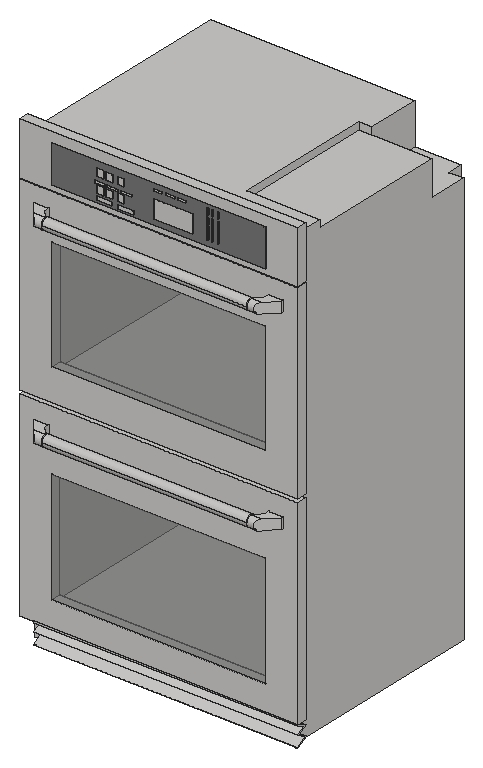
Revit family "HWO230_Revit", category Specialty Equipment, Revit 2014
Parameters (values of type "HWO230")
  Width = 29 7/8"
  VOLTS (V) = "240"
  Unit = Stainless Steel
  TWO TIMERS = "YES"
  TIMED COOKING = "YES"
  TEMPERATURE PROBE = "1"
  Support = Plastic-Black
  STANDARD RACK = "1 (UPPER) / 1 (LOWER)"
  SABBATH MODE = "YES"
  RACK POSITIONS = "7"
  PROOF = "YES"
  PIZZA STONE = "ABS16"
  Model = "HWO230"
  Manufacturer = "Dacor"
  LIMITED, PARTS AND LABOR = "1 YEAR"
  LIGHTING = "HALOGEN"
  KEEP WARM = "YES"
  Height = 50 1/8"
  Handle = Stainless Steel
  GLIDERACK™ = "2 (UPPER) / 2 (LOWER)"
  FREQUENCY (HZ) = "60"
  ENERGY SOURCE = "ELECTRIC"
  Door Glass = Glass
  Door = Stainless Steel
  Description = "30-INCH DOUBLE WALL OVEN HERITAGE COLLECTION"
  Depth = 23 5/8"
  DELAY TIME COOKING = "YES"
  DEHYDRATE = "YES"
  COOKING MODES BOTH CAVITIES = "PURE CONVECTION™ CONVECTION BAKE CONVECTION BROIL CONVECTION ROAST BAKE BROIL"
  COOKIE SHEETS (SET OF 3) = "ACSRO303"
  CONVECTION TYPE = "PURE CONVECTION™"
  CONVECTION ELEMENT = "2,200W"
  CLOCK = "YES"
  CLEANING TYPE = "SELF CLEAN & GREENCLEAN™"
  CIRCUIT BREAKER (A) = "50"
  CHILD LOCK = "YES"
  BROIL-ROASTING PAN SET = "AORPVR"
  BROIL ELEMENT = "3,500W - 8 PASS"
  BAKE ELEMENT = "3,000W - 8 PASS"
  AUTOMATIC HOLD = "YES"
  10-KEY PAD = "YES"
Reference planes (in)
  plane 1 "Center (Front/Back)": y = 0
  plane 2: z = 0
  plane 3 "Center (Left/Right)": x = 0
  plane 4: y = 11.8125
  plane 5: y = -11.8125
  plane 6: x = -14.9375
  plane 7: x = 14.9375
  plane 8: y = -13.6875
  plane 9: y = -12.9375
  plane 10: x = -14.25
  plane 11: x = 14.25
  plane 12: z = 22.25
  plane 13: z = 22
  plane 14: z = 50.125
  plane 15: z = 49
Forms (in)
  Extrusion 1, solid, material "Stainless Steel" <- "Door"
    sketch origin (0, 0, 0) x (1, 0, 0) y (0, 0, 1)
      loop
        line (-14.9375, 23.66291) -> (-14.9375, 2.26827) -> (14.9375, 2.26827) -> (14.9375, 23.66291) -> (-14.9375, 23.66291)
      loop
        line (-11.50053, 17.12002) -> (-11.50053, 5.05136) -> (11.49947, 5.05136) -> (11.49947, 17.12002) -> (-11.50053, 17.12002)
    from 11.8125 to 12.9375
  Extrusion 2, solid, material "Glass" <- "Door Glass"
    sketch origin (0, 0, 0) x (1, 0, 0) y (0, 0, 1)
      loop
        line (-11.50053, 17.12002) -> (-11.50053, 5.05136) -> (11.49947, 5.05136) -> (11.49947, 17.12002) -> (-11.50053, 17.12002)
    from 11.8125 to 12.9375
  Extrusion 3, solid, material "Stainless Steel" <- "Unit"
    sketch origin (0, 0, 0) x (1, 0, 0) y (0, 1, 0)
      loop
        line (-14.25, 11.8125) -> (-14.25, -11.8125) -> (14.25, -11.8125) -> (14.25, 11.8125) -> (-14.25, 11.8125)
    from 0 to 49
  Extrusion 4, void
    sketch origin (0, 0, 0) x (1, 0, 0) y (0, 1, 0)
      loop
        line (12.62778, 11.8125) -> (12.62778, 10.2182) -> (14.25, 10.2182) -> (14.25, 11.8125) -> (12.62778, 11.8125)
    from 0 to 49
  Extrusion 5, void
    sketch origin (0, 0, 0) x (1, 0, 0) y (0, 1, 0)
      loop
        line (7.75, 11.8125) -> (7.75, 6) -> (14.25, 6) -> (14.25, 10.2182) -> (12.62778, 10.2182) -> (12.62778, 11.8125) -> (7.75, 11.8125)
    from 44.49502 to 49
  Extrusion 6, void
    sketch origin (0, 0, 0) x (1, 0, 0) y (0, 0, 1)
      loop
        line (14.25, 49) -> (6.32403, 49) -> (6.32403, 48.2352) -> (14.25, 48.2352) -> (14.25, 49)
    from -6 to 9.08065
  Extrusion 7, solid, material "Stainless Steel" <- "Unit"
    sketch origin (0, 0, 0) x (0, 1, 0) y (0, 0, 1)
      loop
        line (-12.9375, 2.26827) -> (-12.9375, 2.16899) -> (-11.96829, 1.71704) -> (-12.94474, 1.26172) -> (-11.9149, 0.67919) -> (-12.9375, 0.04792) -> (-12.9375, 0) -> (-11.8125, 0.69449) -> (-12.8292, 1.26958) -> (-11.8125, 1.74368) -> (-12.9375, 2.26827)
    from -13.4375 to 14.9375
  Extrusion 8, void
    sketch origin (0, 0, 0) x (1, 0, 0) y (0, 0, 1)
      loop
        line (-13.62773, 17.84345) -> (-13.62773, 2.84345) -> (12.37227, 2.84345) -> (12.37227, 17.84345) -> (-13.62773, 17.84345)
      loop
        line (-13.12773, 40.49502) -> (-13.12773, 25.49502) -> (12.87227, 25.49502) -> (12.87227, 40.49502) -> (-13.12773, 40.49502)
    from -9.73684 to 12
  Extrusion 9, solid, material "Stainless Steel" <- "Door"
    sketch origin (0, 0, 22.375) x (1, 0, 0) y (0, 0, 1)
      loop
        line (-14.9375, 27.75) -> (-14.9375, 22.12002) -> (14.9375, 22.12002) -> (14.9375, 27.75) -> (-14.9375, 27.75)
      loop
        line (-14.9375, 22) -> (-14.9375, 1.67556) -> (14.9375, 1.67556) -> (14.9375, 22) -> (-14.9375, 22)
      loop
        line (-11.50053, 17.12002) -> (-11.50053, 5.05136) -> (11.49947, 5.05136) -> (11.49947, 17.12002) -> (-11.50053, 17.12002)
    from 11.8125 to 12.9375
  Extrusion 10, solid, material "Glass" <- "Door Glass"
    sketch origin (0, 0, 22.375) x (1, 0, 0) y (0, 0, 1)
      loop
        line (-11.50053, 17.12002) -> (-11.50053, 5.05136) -> (11.49947, 5.05136) -> (11.49947, 17.12002) -> (-11.50053, 17.12002)
    from 11.8125 to 12.9375
  Extrusion 11, solid, material "Plastic-Black" <- "Support"
    sketch origin (0, 0, 22.375) x (1, 0, 0) y (0, 0, 1)
      loop
        line (11.49947, 22.65651) -> (11.49947, 26.625) -> (-11.50053, 26.625) -> (-11.50053, 22.65651) -> (11.49947, 22.65651)
      loop
        line (-6.68808, 25.91932) -> (-6.68808, 25.16932) -> (-5.93808, 25.16932) -> (-5.93808, 25.91932) -> (-6.68808, 25.91932)
      loop
        line (-5.68808, 25.91932) -> (-5.68808, 25.16932) -> (-4.93808, 25.16932) -> (-4.93808, 25.91932) -> (-5.68808, 25.91932)
      loop
        line (-4.43808, 25.91932) -> (-4.43808, 25.16932) -> (-3.68808, 25.16932) -> (-3.68808, 25.91932) -> (-4.43808, 25.91932)
      loop
        line (-6.85606, 24.70129) -> (-6.85606, 24.49664) -> (-5.68808, 24.49664) -> (-5.68808, 24.70129) -> (-6.85606, 24.70129)
      loop
        line (-5.52207, 24.70129) -> (-5.52207, 24.49664) -> (-4.35409, 24.49664) -> (-4.35409, 24.70129) -> (-5.52207, 24.70129)
      loop
        line (-4.02207, 24.70129) -> (-4.02207, 24.49664) -> (-2.85409, 24.49664) -> (-2.85409, 24.70129) -> (-4.02207, 24.70129)
      loop
        line (-6.68808, 24.29432) -> (-6.68808, 23.54432) -> (-5.93808, 23.54432) -> (-5.93808, 24.29432) -> (-6.68808, 24.29432)
      loop
        line (-5.68808, 24.29432) -> (-5.68808, 23.54432) -> (-4.93808, 23.54432) -> (-4.93808, 24.29432) -> (-5.68808, 24.29432)
      loop
        line (-4.43808, 24.29432) -> (-4.43808, 23.54432) -> (-3.68808, 23.54432) -> (-3.68808, 24.29432) -> (-4.43808, 24.29432)
      loop
        line (-6.68808, 23.22154) -> (-6.68808, 22.82799) -> (-5.04573, 22.82799) -> (-5.04573, 23.22154) -> (-6.68808, 23.22154)
      loop
        line (-4.35409, 23.22154) -> (-4.35409, 22.82799) -> (-2.68443, 22.82799) -> (-2.68443, 23.22154) -> (-4.35409, 23.22154)
      loop
        line (5.20184, 26.29432) -> (5.20184, 25.63879) -> (5.36015, 25.63879) -> (5.36015, 26.29432) -> (5.20184, 26.29432)
      loop
        line (5.70184, 26.29432) -> (5.70184, 25.63879) -> (5.86015, 25.63879) -> (5.86015, 26.29432) -> (5.70184, 26.29432)
      loop
        line (6.32403, 26.29432) -> (6.32403, 25.63879) -> (6.48234, 25.63879) -> (6.48234, 26.29432) -> (6.32403, 26.29432)
      loop
        line (5.20184, 25.35682) -> (5.20184, 24.70129) -> (5.36015, 24.70129) -> (5.36015, 25.35682) -> (5.20184, 25.35682)
      loop
        line (5.70184, 25.35682) -> (5.70184, 24.70129) -> (5.86015, 24.70129) -> (5.86015, 25.35682) -> (5.70184, 25.35682)
      loop
        line (6.32403, 25.35682) -> (6.32403, 24.70129) -> (6.48234, 24.70129) -> (6.48234, 25.35682) -> (6.32403, 25.35682)
      loop
        line (5.20184, 24.60682) -> (5.20184, 23.95129) -> (5.36015, 23.95129) -> (5.36015, 24.60682) -> (5.20184, 24.60682)
      loop
        line (5.70184, 24.60682) -> (5.70184, 23.95129) -> (5.86015, 23.95129) -> (5.86015, 24.60682) -> (5.70184, 24.60682)
      loop
        line (6.32403, 24.60682) -> (6.32403, 23.95129) -> (6.48234, 23.95129) -> (6.48234, 24.60682) -> (6.32403, 24.60682)
      loop
        line (5.20184, 23.87707) -> (5.20184, 23.22154) -> (5.36015, 23.22154) -> (5.36015, 23.87707) -> (5.20184, 23.87707)
      loop
        line (5.70184, 23.87707) -> (5.70184, 23.22154) -> (5.86015, 23.22154) -> (5.86015, 23.87707) -> (5.70184, 23.87707)
      loop
        line (6.32403, 23.87707) -> (6.32403, 23.22154) -> (6.48234, 23.22154) -> (6.48234, 23.87707) -> (6.32403, 23.87707)
      loop
        line (-0.51589, 26.14153) -> (-0.51589, 25.91932) -> (0.37117, 25.91932) -> (0.37117, 26.14153) -> (-0.51589, 26.14153)
      loop
        line (0.73323, 26.14153) -> (0.73323, 25.91932) -> (1.78322, 25.91932) -> (1.78322, 26.14153) -> (0.73323, 26.14153)
      loop
        line (2.10908, 26.14153) -> (2.10908, 25.91932) -> (2.92373, 25.91932) -> (2.92373, 26.14153) -> (2.10908, 26.14153)
      loop
        line (-0.51589, 25.16932) -> (-0.51589, 23.22154) -> (3.71429, 23.22154) -> (3.71429, 25.16932) -> (-0.51589, 25.16932)
    from 12.97137 to 12.9375
  Extrusion 12, solid, material "Stainless Steel" <- "Unit"
    sketch origin (0, -12.9375, 22.375) x (-1, 0, 0) y (0, 0, 1)
      loop
        line (5.93808, 25.91932) -> (5.93808, 25.16932) -> (6.68808, 25.16932) -> (6.68808, 25.91932) -> (5.93808, 25.91932)
      loop
        line (5.68808, 25.16932) -> (5.68808, 25.91932) -> (4.93808, 25.91932) -> (4.93808, 25.16932) -> (5.68808, 25.16932)
      loop
        line (3.68808, 25.16932) -> (4.43808, 25.16932) -> (4.43808, 25.91932) -> (3.68808, 25.91932) -> (3.68808, 25.16932)
      loop
        line (5.68808, 24.49664) -> (6.85606, 24.49664) -> (6.85606, 24.70129) -> (5.68808, 24.70129) -> (5.68808, 24.49664)
      loop
        line (5.52207, 24.70129) -> (4.35409, 24.70129) -> (4.35409, 24.49664) -> (5.52207, 24.49664) -> (5.52207, 24.70129)
      loop
        line (4.02207, 24.70129) -> (2.85409, 24.70129) -> (2.85409, 24.49664) -> (4.02207, 24.49664) -> (4.02207, 24.70129)
      loop
        line (6.68808, 24.29432) -> (5.93808, 24.29432) -> (5.93808, 23.54432) -> (6.68808, 23.54432) -> (6.68808, 24.29432)
      loop
        line (5.68808, 24.29432) -> (4.93808, 24.29432) -> (4.93808, 23.54432) -> (5.68808, 23.54432) -> (5.68808, 24.29432)
      loop
        line (4.43808, 24.29432) -> (3.68808, 24.29432) -> (3.68808, 23.54432) -> (4.43808, 23.54432) -> (4.43808, 24.29432)
      loop
        line (6.68808, 23.22154) -> (5.04573, 23.22154) -> (5.04573, 22.82799) -> (6.68808, 22.82799) -> (6.68808, 23.22154)
      loop
        line (4.35409, 23.22154) -> (2.68443, 23.22154) -> (2.68443, 22.82799) -> (4.35409, 22.82799) -> (4.35409, 23.22154)
      loop
        line (-0.37117, 25.91932) -> (0.51589, 25.91932) -> (0.51589, 26.14153) -> (-0.37117, 26.14153) -> (-0.37117, 25.91932)
      loop
        line (-1.78322, 25.91932) -> (-0.73323, 25.91932) -> (-0.73323, 26.14153) -> (-1.78322, 26.14153) -> (-1.78322, 25.91932)
      loop
        line (-2.92373, 25.91932) -> (-2.10908, 25.91932) -> (-2.10908, 26.14153) -> (-2.92373, 26.14153) -> (-2.92373, 25.91932)
      loop
        line (0.51589, 25.16932) -> (-3.71429, 25.16932) -> (-3.71429, 23.22154) -> (0.51589, 23.22154) -> (0.51589, 25.16932)
      loop
        line (-5.36015, 26.29432) -> (-5.36015, 25.63879) -> (-5.20184, 25.63879) -> (-5.20184, 26.29432) -> (-5.36015, 26.29432)
      loop
        line (-5.86015, 26.29432) -> (-5.86015, 25.63879) -> (-5.70184, 25.63879) -> (-5.70184, 26.29432) -> (-5.86015, 26.29432)
      loop
        line (-6.32403, 25.63879) -> (-6.32403, 26.29432) -> (-6.48234, 26.29432) -> (-6.48234, 25.63879) -> (-6.32403, 25.63879)
      loop
        line (-5.20184, 24.70129) -> (-5.20184, 25.35682) -> (-5.36015, 25.35682) -> (-5.36015, 24.70129) -> (-5.20184, 24.70129)
      loop
        line (-5.70184, 24.70129) -> (-5.70184, 25.35682) -> (-5.86015, 25.35682) -> (-5.86015, 24.70129) -> (-5.70184, 24.70129)
      loop
        line (-6.32403, 24.70129) -> (-6.32403, 25.35682) -> (-6.48234, 25.35682) -> (-6.48234, 24.70129) -> (-6.32403, 24.70129)
      loop
        line (-5.20184, 23.95129) -> (-5.20184, 24.60682) -> (-5.36015, 24.60682) -> (-5.36015, 23.95129) -> (-5.20184, 23.95129)
      loop
        line (-5.70184, 23.95129) -> (-5.70184, 24.60682) -> (-5.86015, 24.60682) -> (-5.86015, 23.95129) -> (-5.70184, 23.95129)
      loop
        line (-6.32403, 23.95129) -> (-6.32403, 24.60682) -> (-6.48234, 24.60682) -> (-6.48234, 23.95129) -> (-6.32403, 23.95129)
      loop
        line (-5.20184, 23.22154) -> (-5.20184, 23.87707) -> (-5.36015, 23.87707) -> (-5.36015, 23.22154) -> (-5.20184, 23.22154)
      loop
        line (-5.70184, 23.22154) -> (-5.70184, 23.87707) -> (-5.86015, 23.87707) -> (-5.86015, 23.22154) -> (-5.70184, 23.22154)
      loop
        line (-6.32403, 23.22154) -> (-6.32403, 23.87707) -> (-6.48234, 23.87707) -> (-6.48234, 23.22154) -> (-6.32403, 23.22154)
    from 0 to -0.03387
  Extrusion 13, solid, material "Stainless Steel" <- "Handle"
    sketch origin (1.375, 0, 22.375) x (0, 1, 0) y (0, 0, 1)
      loop
        line (-12.9375, 20.25) -> (-14.38281, 20.25)
        arc (-14.38281, 20.25) -> (-14.94531, 19.6875) -> (-14.38281, 19.125) r 0.5625
        line (-14.38281, 19.125) -> (-12.9375, 19.125) -> (-12.9375, 20.25)
    from 9.6502 to 12
  Extrusion 14, void
    sketch origin (0, 0, 22.375) x (1, 0, 0) y (0, 1, 0)
      loop
        line (11.34949, -15.4375) -> (13.5, -15.4375) -> (13.5, -12.9375) -> (11.34949, -15.4375)
      loop
        arc (10.98358, -14.26259) -> (11.64134, -13.74324) -> (11.87189, -12.9375) r 1.36563
        line (11.87189, -12.9375) -> (10.98358, -12.9375) -> (10.98358, -14.26259)
    from 18.06701 to 20.25
  Extrusion 15, solid, material "Stainless Steel" <- "Handle"
    sketch origin (-1.375, 0, 22.375) x (0, 1, 0) y (0, 0, -1)
      loop
        line (-12.9375, -20.25) -> (-12.9375, -19.125) -> (-14.38281, -19.125)
        arc (-14.38281, -19.125) -> (-14.94531, -19.6875) -> (-14.38281, -20.25) r 0.5625
        line (-14.38281, -20.25) -> (-12.9375, -20.25)
    from 9.6502 to 12
  Extrusion 16, void
    sketch origin (0, 0, 22.375) x (-1, 0, 0) y (0, -1, 0)
      loop
        line (11.34949, 15.4375) -> (13.5, 12.9375) -> (13.5, 15.4375) -> (11.34949, 15.4375)
      loop
        line (10.98358, 14.26259) -> (10.98358, 12.9375) -> (11.87189, 12.9375)
        arc (11.87189, 12.9375) -> (11.64134, 13.74324) -> (10.98358, 14.26259) r 1.36563
    from 18.06701 to 20.25
  Extrusion 17, solid, material "Stainless Steel" <- "Handle"
    sketch origin (0, 0, 22.375) x (0, 1, 0) y (0, 0, 1)
      loop
        circle (-14.38281, 19.6875) r 0.5625
    from -11.0252 to 11.0252
  Extrusion 18, solid, material "Stainless Steel" <- "Handle"
    sketch origin (1.375, 0, 1.5) x (0, 1, 0) y (0, 0, 1)
      loop
        line (-12.9375, 20.25) -> (-14.38281, 20.25)
        arc (-14.38281, 20.25) -> (-14.94531, 19.6875) -> (-14.38281, 19.125) r 0.5625
        line (-14.38281, 19.125) -> (-12.9375, 19.125) -> (-12.9375, 20.25)
    from 9.6502 to 12
  Extrusion 19, void
    sketch origin (0, 0, 1.5) x (1, 0, 0) y (0, 1, 0)
      loop
        line (11.34949, -15.4375) -> (13.5, -15.4375) -> (13.5, -12.9375) -> (11.34949, -15.4375)
      loop
        arc (10.98358, -14.26259) -> (11.64134, -13.74324) -> (11.87189, -12.9375) r 1.36563
        line (11.87189, -12.9375) -> (10.98358, -12.9375) -> (10.98358, -14.26259)
    from 18.06701 to 20.25
  Extrusion 20, solid, material "Stainless Steel" <- "Handle"
    sketch origin (-1.375, 0, 1.5) x (0, 1, 0) y (0, 0, -1)
      loop
        line (-12.9375, -20.25) -> (-12.9375, -19.125) -> (-14.38281, -19.125)
        arc (-14.38281, -19.125) -> (-14.94531, -19.6875) -> (-14.38281, -20.25) r 0.5625
        line (-14.38281, -20.25) -> (-12.9375, -20.25)
    from 9.6502 to 12
  Extrusion 21, void
    sketch origin (0, 0, 1.5) x (-1, 0, 0) y (0, -1, 0)
      loop
        line (11.34949, 15.4375) -> (13.5, 12.9375) -> (13.5, 15.4375) -> (11.34949, 15.4375)
      loop
        line (10.98358, 14.26259) -> (10.98358, 12.9375) -> (11.87189, 12.9375)
        arc (11.87189, 12.9375) -> (11.64134, 13.74324) -> (10.98358, 14.26259) r 1.36563
    from 18.06701 to 20.25
  Extrusion 22, solid, material "Stainless Steel" <- "Handle"
    sketch origin (0, 0, 1.5) x (0, 1, 0) y (0, 0, 1)
      loop
        circle (-14.38281, 19.6875) r 0.5625
    from -11.0252 to 11.0252
Cuts and joins
  Extrusion 4, Extrusion 5, Extrusion 6, Extrusion 8 cuts Extrusion 3
  Extrusion 6, Extrusion 8, Extrusion 14, Extrusion 16, Extrusion 19, Extrusion 21 cuts Extrusion 1
  Extrusion 8 cuts Extrusion 2
  Extrusion 14 cuts Extrusion 9
  Extrusion 14 cuts Extrusion 17
  Extrusion 19 cuts Extrusion 18
  Extrusion 19 cuts Extrusion 22
  Extrusion 21 cuts Extrusion 20
  Extrusion 14 cuts Extrusion 13
  Extrusion 16 cuts Extrusion 15
Dimensions and locks (in)
  equal spacing: plane 6, plane 3 "Center (Left/Right)", plane 7
  "Width": plane 6 to plane 7
  equal spacing: plane 4, plane 1 "Center (Front/Back)", plane 5
  "Depth": plane 4 to plane 5
  plane 5 to plane 8 = 1 7/8"
  locked: plane 5 to plane 9 at 1.125
  equal spacing: plane 10, plane 3 "Center (Left/Right)", plane 11
  plane 10 to plane 11 = 28 1/2"
  locked: plane 12 to plane 13 at 0.25
  "Height": plane 14 to plane 2
  plane 15 to plane 2 = 49"
  aligned and locked: level to plane 2
  aligned and locked: Extrusion 1 to plane 9
  aligned and locked: plane 5 to Extrusion 1
  aligned and locked: plane 6 to Extrusion 1 sketch curve
  aligned and locked: Extrusion 1 sketch curve to plane 7
  aligned and locked: Extrusion 2 sketch curve to Extrusion 1
  aligned and locked: Extrusion 1 to Extrusion 2 sketch curve
  aligned and locked: Extrusion 2 to plane 9
  aligned and locked: plane 5 to Extrusion 2
  aligned and locked: plane 10 to Extrusion 3 sketch curve
  aligned and locked: Extrusion 3 sketch curve to plane 11
  aligned and locked: Extrusion 3 to level
  aligned and locked: Extrusion 7 to cut or joined group of Extrusion 1, Extrusion 6, Extrusion 8, Extrusion 14, Extrusion 16, Extrusion 19, Extrusion 21
  aligned and locked: Extrusion 10 sketch curve to Extrusion 9
  aligned and locked: Extrusion 9 to Extrusion 10 sketch curve
  aligned and locked: Extrusion 9 to Extrusion 11
Automatic sketch dimensions
  plane 10 to Extrusion 1 sketch curve = 2.74947"
  Extrusion 1 sketch curve to plane 11 = 2.75053"
  level to Extrusion 1 sketch curve = 2.26827"
  Extrusion 1 sketch curve to Extrusion 1 sketch curve = 2.78308"
  Extrusion 1 sketch curve to plane 13 = 4.87998"
  plane 12 to Extrusion 1 sketch curve = 1.41291"
  level to Extrusion 2 sketch curve = 5.05136"
  Extrusion 2 sketch curve to plane 13 = 4.87998"
  Extrusion 3 sketch curve to plane 5 = 0"
  Extrusion 3 sketch curve to plane 4 = 0"
  Extrusion 4 sketch curve to plane 4 = 0"
  Extrusion 4 sketch curve to plane 11 = 0"
  Extrusion 4 sketch curve to Extrusion 4 sketch curve = 1.62222"
  Extrusion 4 sketch curve to plane 4 = 1.5943"
  Extrusion 5 sketch curve to plane 4 = 0"
  Extrusion 5 sketch curve to plane 11 = 0"
  Extrusion 5 sketch curve to Extrusion 5 sketch curve = 1.62222"
  Extrusion 5 sketch curve to Extrusion 5 sketch curve = 4.87778"
  Extrusion 5 sketch curve to plane 4 = 1.5943"
  Extrusion 5 sketch curve to Extrusion 5 sketch curve = 4.2182"
  Extrusion 6 sketch curve to plane 11 = 0"
  plane 3 "Center (Left/Right)" to Extrusion 6 sketch curve = 6.32403"
  Extrusion 7 sketch curve to plane 9 = 0"  (x2)
  Extrusion 7 sketch curve to plane 5 = 0"  (x2)
  Extrusion 7 sketch curve to level = 0"
  Extrusion 7 sketch curve to plane 9 = 0.00724"
  plane 9 to Extrusion 7 sketch curve = 0.1083"
  Extrusion 7 sketch curve to plane 5 = 0.15579"
  Extrusion 7 sketch curve to plane 5 = 0.1024"
  level to Extrusion 7 sketch curve = 0.04792"
  level to Extrusion 7 sketch curve = 0.67919"
  Extrusion 7 sketch curve to Extrusion 7 sketch curve = 0.01529"
  Extrusion 7 sketch curve to Extrusion 7 sketch curve = 0.58253"
  Extrusion 7 sketch curve to Extrusion 7 sketch curve = 0.00786"
  Extrusion 7 sketch curve to Extrusion 7 sketch curve = 0.44746"
  Extrusion 7 sketch curve to Extrusion 7 sketch curve = 0.02663"
  Extrusion 7 sketch curve to Extrusion 7 sketch curve = 0.89941"
  Extrusion 7 sketch curve to Extrusion 7 sketch curve = 0.09928"
  Extrusion 9 sketch curve to plane 6 = 0"  (x2)
  Extrusion 9 sketch curve to plane 7 = 0"  (x2)
  Extrusion 9 sketch curve to plane 14 = 0"
  plane 10 to Extrusion 9 sketch curve = 2.74947"
  Extrusion 9 sketch curve to plane 11 = 2.75053"
  plane 12 to Extrusion 9 sketch curve = 1.80056"
  Extrusion 9 sketch curve to plane 14 = 10.62998"
  Extrusion 9 sketch curve to Extrusion 9 sketch curve = 5 3/4"
  Extrusion 9 sketch curve to Extrusion 9 sketch curve = 0.12002"
  Extrusion 10 sketch curve to plane 14 = 10.62998"
  plane 10 to Extrusion 11 sketch curve = 2.74947"
  Extrusion 11 sketch curve to Extrusion 11 sketch curve = 4.64447"
  Extrusion 11 sketch curve to Extrusion 11 sketch curve = 43/256"  (x2)
  Extrusion 11 sketch curve to Extrusion 11 sketch curve = 0"  (x27)
  Extrusion 11 sketch curve to Extrusion 11 sketch curve = 3/4"  (x8)
  Extrusion 11 sketch curve to Extrusion 11 sketch curve = 1/4"  (x2)
  Extrusion 11 sketch curve to Extrusion 11 sketch curve = 0.16601"
  Extrusion 11 sketch curve to Extrusion 11 sketch curve = 0.64235"
  Extrusion 11 sketch curve to Extrusion 11 sketch curve = 0.10765"
  Extrusion 11 sketch curve to Extrusion 11 sketch curve = 1/2"  (x2)
  Extrusion 11 sketch curve to Extrusion 11 sketch curve = 0.08399"  (x2)
  Extrusion 11 sketch curve to Extrusion 11 sketch curve = 85/256"
  Extrusion 11 sketch curve to Extrusion 11 sketch curve = 0.33399"
  Extrusion 11 sketch curve to Extrusion 11 sketch curve = 0.66601"
  Extrusion 11 sketch curve to Extrusion 11 sketch curve = 0.83399"
  Extrusion 11 sketch curve to Extrusion 11 sketch curve = 1.00365"
  Extrusion 11 sketch curve to plane 3 "Center (Left/Right)" = 0.51589"  (x2)
  plane 3 "Center (Left/Right)" to Extrusion 11 sketch curve = 0.37117"
  Extrusion 11 sketch curve to Extrusion 11 sketch curve = 0.36207"
  Extrusion 11 sketch curve to Extrusion 11 sketch curve = 1.04999"
  Extrusion 11 sketch curve to Extrusion 11 sketch curve = 0.32586"
  Extrusion 11 sketch curve to Extrusion 11 sketch curve = 0.81465"
  Extrusion 11 sketch curve to Extrusion 11 sketch curve = 0.79056"
  Extrusion 11 sketch curve to Extrusion 11 sketch curve = 1.48754"
  Extrusion 11 sketch curve to Extrusion 11 sketch curve = 0.15831"  (x8)
  Extrusion 11 sketch curve to Extrusion 11 sketch curve = 0.34169"  (x3)
  Extrusion 11 sketch curve to Extrusion 11 sketch curve = 0.46387"  (x3)
  Extrusion 11 sketch curve to plane 14 = 1 1/8"
  Extrusion 11 sketch curve to plane 11 = 2.75053"
  Extrusion 11 sketch curve to plane 14 = 1.45568"
  Extrusion 11 sketch curve to plane 14 = 1.60847"
  Extrusion 11 sketch curve to Extrusion 11 sketch curve = 0.22221"  (x3)
  Extrusion 11 sketch curve to plane 14 = 1.83068"
  Extrusion 11 sketch curve to Extrusion 11 sketch curve = 0.65553"  (x6)
  Extrusion 11 sketch curve to Extrusion 11 sketch curve = 0.28197"  (x3)
  Extrusion 11 sketch curve to Extrusion 11 sketch curve = 0.46803"  (x2)
  Extrusion 11 sketch curve to Extrusion 11 sketch curve = 0.09447"  (x3)
  Extrusion 11 sketch curve to Extrusion 11 sketch curve = 0.20465"  (x2)
  Extrusion 11 sketch curve to Extrusion 11 sketch curve = 0.20232"  (x3)
  Extrusion 11 sketch curve to Extrusion 11 sketch curve = 19/256"  (x3)
  Extrusion 11 sketch curve to Extrusion 11 sketch curve = 0.32278"  (x2)
  Extrusion 11 sketch curve to Extrusion 11 sketch curve = 1.2751"
  Extrusion 11 sketch curve to Extrusion 11 sketch curve = 0.39355"  (x2)
  Extrusion 11 sketch curve to Extrusion 11 sketch curve = 0.56503"
  Extrusion 12 sketch curve to Extrusion 11 = 0"  (x104)
  Extrusion 11 to Extrusion 12 sketch curve = 0"  (x4)
  Extrusion 13 sketch curve to plane 9 = 0"
  plane 8 to Extrusion 13 sketch curve = 89/128"
  Extrusion 13 sketch curve to plane 14 = 8 5/8"
  Extrusion 13 sketch curve to Extrusion 13 sketch curve = 9/16"
  Extrusion 14 sketch curve to plane 9 = 0"  (x2)
  Extrusion 14 sketch curve to plane 9 = 0.04532"
  Extrusion 14 sketch curve to plane 11 = 3.74299"
  Extrusion 14 sketch curve to Extrusion 14 sketch curve = 61/128"
  Extrusion 14 sketch curve to Extrusion 14 sketch curve = 0.36591"
  Extrusion 14 sketch curve to Extrusion 14 sketch curve = 0.8883"
  Extrusion 14 sketch curve to plane 11 = 3/4"
  Extrusion 14 sketch curve to Extrusion 14 sketch curve = 1.17491"
  Extrusion 15 sketch curve to plane 9 = 0"
  plane 8 to Extrusion 15 sketch curve = 89/128"
  Extrusion 15 sketch curve to plane 14 = 7 1/2"
  Extrusion 15 sketch curve to Extrusion 15 sketch curve = 9/16"
  Extrusion 16 sketch curve to plane 9 = 0"  (x2)
  plane 9 to Extrusion 16 sketch curve = 0.04532"
  Extrusion 16 sketch curve to plane 10 = 3.74299"
  Extrusion 16 sketch curve to Extrusion 16 sketch curve = 61/128"
  Extrusion 16 sketch curve to Extrusion 16 sketch curve = 0.36591"
  Extrusion 16 sketch curve to Extrusion 16 sketch curve = 0.8883"
  Extrusion 16 sketch curve to plane 10 = 3/4"
  Extrusion 16 sketch curve to Extrusion 16 sketch curve = 1.17491"
  plane 8 to Extrusion 17 sketch curve = 89/128"
  Extrusion 17 sketch curve to plane 14 = 8 1/16"
  Extrusion 18 sketch curve to plane 9 = 0"
  plane 8 to Extrusion 18 sketch curve = 89/128"
  Extrusion 18 sketch curve to plane 13 = 1 3/8"
  Extrusion 18 sketch curve to Extrusion 18 sketch curve = 9/16"
  Extrusion 19 sketch curve to plane 9 = 0"  (x2)
  Extrusion 19 sketch curve to plane 9 = 0.04532"
  Extrusion 19 sketch curve to plane 11 = 3.74299"
  Extrusion 19 sketch curve to Extrusion 19 sketch curve = 61/128"
  Extrusion 19 sketch curve to Extrusion 19 sketch curve = 0.36591"
  Extrusion 19 sketch curve to Extrusion 19 sketch curve = 0.8883"
  Extrusion 19 sketch curve to plane 11 = 3/4"
  Extrusion 19 sketch curve to Extrusion 19 sketch curve = 1.17491"
  Extrusion 20 sketch curve to plane 9 = 0"
  plane 8 to Extrusion 20 sketch curve = 89/128"
  Extrusion 20 sketch curve to plane 13 = 1/4"
  Extrusion 20 sketch curve to Extrusion 20 sketch curve = 9/16"
  Extrusion 21 sketch curve to plane 9 = 0"  (x2)
  plane 9 to Extrusion 21 sketch curve = 0.04532"
  Extrusion 21 sketch curve to plane 10 = 3.74299"
  Extrusion 21 sketch curve to Extrusion 21 sketch curve = 61/128"
  Extrusion 21 sketch curve to Extrusion 21 sketch curve = 0.36591"
  Extrusion 21 sketch curve to Extrusion 21 sketch curve = 0.8883"
  Extrusion 21 sketch curve to plane 10 = 3/4"
  Extrusion 21 sketch curve to Extrusion 21 sketch curve = 1.17491"
  plane 8 to Extrusion 22 sketch curve = 89/128"
  Extrusion 22 sketch curve to plane 13 = 13/16"
  plane 12 to Extrusion 6 sketch curve = 25.9852"
  Extrusion 6 sketch curve to Extrusion 6 sketch curve = 0.7648"
  Extrusion 9 sketch curve to Extrusion 9 sketch curve = 3.3758"
  plane 12 to Extrusion 10 sketch curve = 5.17636"
  plane 10 to Extrusion 8 sketch curve = 0.62227"
  plane 10 to Extrusion 8 sketch curve = 1.12227"
  Extrusion 8 sketch curve to plane 11 = 1.37773"
  Extrusion 8 sketch curve to plane 11 = 1.87773"
  level to Extrusion 8 sketch curve = 2.84345"
  Extrusion 8 sketch curve to plane 13 = 4.15655"
  plane 12 to Extrusion 8 sketch curve = 3.24502"
  Extrusion 8 sketch curve to plane 15 = 8.50498"
  radius of Extrusion 17 sketch curve = 9/16"
  radius of Extrusion 22 sketch curve = 9/16"
